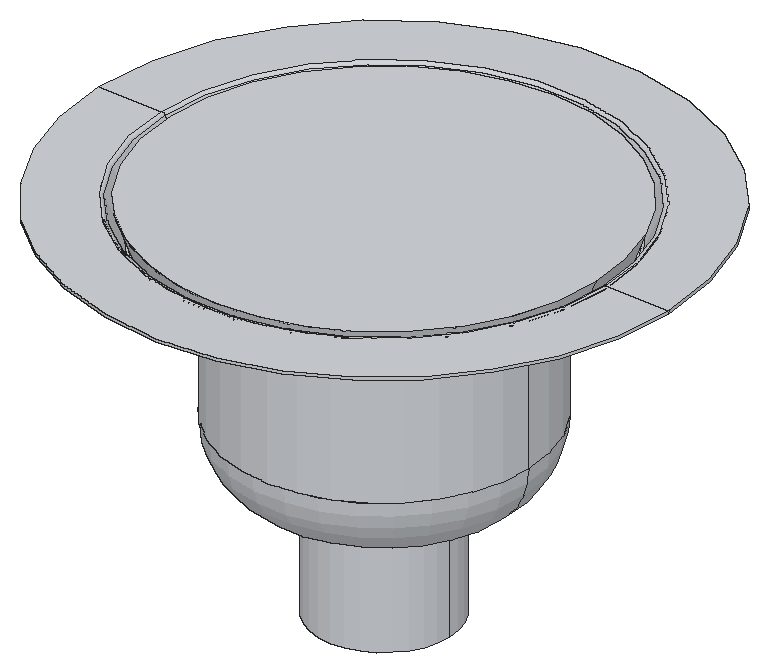
Revit family "S-399_Vertical", category Aparatos sanitarios, Revit 2015
Parameters (values of type "S-399_Vertical_ABS Blanco")
  WFU = 1
  URL = "http://www.jimten.com/es/producto/329/sumidero-para-suelo-vinilico-salida-vertical"
  Sello hidráulico = "50 mm"  # constant formula
  Salida = "50M/110M"  # constant formula
  Rejilla = INOX AISI304
  Referencia = "12449"  # constant formula
  Modelo = "S-399"  # constant formula
  Medida = "Ø160 mm"  # constant formula
  Material = ABS (Blanco)
  Fabricante = "Jimten"  # constant formula
  Diámetro = 50 mm
  Descripción = "SUMIDERO PARA SUELOS DE VINILO, SIFON EXTRAIBLE, CON FILTRO DE PELOS, SALIDA VERTICAL, CON REJILLA, ANTIVANDÁLICO"  # constant formula
  Comentarios de tipo = "CON PRENSATELAS PARA LÁMINAS IMPERMEABILIZANTES DE VINILO. CON TAPA DE PROTECCION DE OBRA"  # constant formula
  Clase carga = "K3"  # constant formula
  Caudal = 0.96 L/s  # constant formula
  Altura total mínima = "110 mm"  # constant formula
Reference planes
  plane 1 "Center (Front/Back)": y = 0
  plane 2: z = 0
  plane 3 "Center (Left/Right)": x = 0
Dimensions and locks
  aligned and locked: level to plane 2
  aligned and locked: level to nested 2
Nested families
  nested 1: "S-399-Rejilla" at (0, 0, 0), type "S-399-Rejilla"
  nested 2: "S-399-OutletVertical" at (0, 0, 0), type "S-399-OutletVertical"
Connectors
  piping at (0, 0, -140), diameter 50, driven by "WFU", driven by "Diámetro", driven by "Caudal"
    settings: on nested 2, index 1, connector inside diameter 609.6 mm, connector length 0 mm, flow factor 0, pipe flow 0.96 L/s, pressure drop 0.0 Pa, fitting loss kfactor 0, connector angle 0.00°, fixture units 1, engagement length 0 mm, angle of deflection 0.00°, flow configuration 0, flow direction 2, fitting loss method 0, system type 16, joint type 0, gender type 0, connector reference index -1, connector utility 0, adjustable connector yes, is connector primary yes, connector description ""
Definition of nested family "S-399-Rejilla"
  Parameters (values of type "S-399-Rejilla")
    MaterialRejilla = none
  Reference planes
    plane 1 "Center (Front/Back)": y = 0
    plane 2: z = 0
    plane 3 "Center (Left/Right)": x = 0
    plane 4: z = -15
    plane 5 "DetalleRejilla": z = 1
  Forms (mm)
    Blend 1, solid
      base sketch origin (-125.198, -1524, -15) x (-1, 0, 0) y (0, -1, 0)
        loop
          circle (-125.198, -1524) r 75
      top sketch origin (-125.198, -1524, -15) x (-1, 0, 0) y (0, -1, 0)
        loop
          circle (-125.198, -1524) r 80.5
      from 0 to 15
  Lines and regions (mm)
    model lines, detail levels medium+fine
      curve 1: line (-54.991, 1, 1) -> (-34.986, 1, 1)
      curve 2: line (-34.986, -1, 1) -> (-54.991, -1, 1)
      curve 3: line (-38.177, 39.592, 1) -> (-24.032, 25.446, 1)
      curve 4: line (-25.446, 24.032, 1) -> (-39.592, 38.177, 1)
      curve 5: line (-39.592, -38.177, 1) -> (-25.446, -24.032, 1)
      curve 6: line (-24.032, -25.446, 1) -> (-38.177, -39.592, 1)
      curve 7: line (54.991, 1, 1) -> (34.986, 1, 1)
      curve 8: line (34.986, -1, 1) -> (54.991, -1, 1)
      curve 9: line (38.177, 39.592, 1) -> (24.032, 25.446, 1)
      curve 10: line (25.446, 24.032, 1) -> (39.592, 38.177, 1)
      curve 11: line (39.592, -38.177, 1) -> (25.446, -24.032, 1)
      curve 12: line (24.032, -25.446, 1) -> (38.177, -39.592, 1)
      curve 13: line (-1, 34.986, 1) -> (-1, 54.991, 1)
      curve 14: line (1, 54.991, 1) -> (1, 34.986, 1)
      curve 15: line (1, -34.986, 1) -> (1, -54.991, 1)
      curve 16: line (-1, -54.991, 1) -> (-1, -34.986, 1)
      curve 17: line (-9.312, -2, 1) -> (-15.312, -2, 1)
      curve 18: line (-9.312, -8, 1) -> (-9.312, -2, 1)
      curve 19: line (-15.312, -8, 1) -> (-9.312, -8, 1)
      curve 20: line (-15.312, -2, 1) -> (-15.312, -8, 1)
      curve 21: line (-2.375, 29.125, 1) -> (-8.375, 29.125, 1)
      curve 22: line (-2.375, 23.174, 1) -> (-2.375, 29.125, 1)
      curve 23: line (-8.375, 29.125, 1) -> (-8.375, 23.174, 1)
      curve 24: line (-8.375, 23.174, 1) -> (-2.375, 23.174, 1)
      curve 25: line (-17.954, 26, 1) -> (-11.954, 26, 1)
      curve 26: line (-17.954, 20.049, 1) -> (-17.954, 26, 1)
      curve 27: line (-11.954, 26, 1) -> (-11.954, 20.049, 1)
      curve 28: line (-11.954, 20.049, 1) -> (-17.954, 20.049, 1)
      curve 29: line (-22.549, 8.326, 1) -> (-28.549, 8.326, 1)
      curve 30: line (-22.549, 2.375, 1) -> (-22.549, 8.326, 1)
      curve 31: line (-28.549, 8.326, 1) -> (-28.549, 2.375, 1)
      curve 32: line (-28.549, 2.375, 1) -> (-22.549, 2.375, 1)
      curve 33: line (-19.648, 17.985, 1) -> (-25.648, 17.985, 1)
      curve 34: line (-19.648, 12.034, 1) -> (-19.648, 17.985, 1)
      curve 35: line (-25.648, 17.985, 1) -> (-25.648, 12.034, 1)
      curve 36: line (-25.648, 12.034, 1) -> (-19.648, 12.034, 1)
      curve 37: line (2.375, 29.125, 1) -> (8.375, 29.125, 1)
      curve 38: line (2.375, 23.174, 1) -> (2.375, 29.125, 1)
      curve 39: line (8.375, 29.125, 1) -> (8.375, 23.174, 1)
      curve 40: line (8.375, 23.174, 1) -> (2.375, 23.174, 1)
      curve 41: line (17.954, 26, 1) -> (11.954, 26, 1)
      curve 42: line (17.954, 20.049, 1) -> (17.954, 26, 1)
      curve 43: line (11.954, 26, 1) -> (11.954, 20.049, 1)
      curve 44: line (11.954, 20.049, 1) -> (17.954, 20.049, 1)
      curve 45: line (22.549, 8.326, 1) -> (28.549, 8.326, 1)
      curve 46: line (22.549, 2.375, 1) -> (22.549, 8.326, 1)
      curve 47: line (28.549, 8.326, 1) -> (28.549, 2.375, 1)
      curve 48: line (28.549, 2.375, 1) -> (22.549, 2.375, 1)
      curve 49: line (19.648, 17.985, 1) -> (25.648, 17.985, 1)
      curve 50: line (19.648, 12.034, 1) -> (19.648, 17.985, 1)
      curve 51: line (25.648, 17.985, 1) -> (25.648, 12.034, 1)
      curve 52: line (25.648, 12.034, 1) -> (19.648, 12.034, 1)
      curve 53: line (2.375, -29.125, 1) -> (8.375, -29.125, 1)
      curve 54: line (2.375, -23.174, 1) -> (2.375, -29.125, 1)
      curve 55: line (8.375, -29.125, 1) -> (8.375, -23.174, 1)
      curve 56: line (8.375, -23.174, 1) -> (2.375, -23.174, 1)
      curve 57: line (17.954, -26, 1) -> (11.954, -26, 1)
      curve 58: line (17.954, -20.049, 1) -> (17.954, -26, 1)
      curve 59: line (11.954, -26, 1) -> (11.954, -20.049, 1)
      curve 60: line (11.954, -20.049, 1) -> (17.954, -20.049, 1)
      curve 61: line (22.549, -8.326, 1) -> (28.549, -8.326, 1)
      curve 62: line (22.549, -2.375, 1) -> (22.549, -8.326, 1)
      curve 63: line (28.549, -8.326, 1) -> (28.549, -2.375, 1)
      curve 64: line (28.549, -2.375, 1) -> (22.549, -2.375, 1)
      curve 65: line (19.648, -17.985, 1) -> (25.648, -17.985, 1)
      curve 66: line (19.648, -12.034, 1) -> (19.648, -17.985, 1)
      curve 67: line (25.648, -17.985, 1) -> (25.648, -12.034, 1)
      curve 68: line (25.648, -12.034, 1) -> (19.648, -12.034, 1)
      curve 69: line (-2.375, -15.563, 1) -> (-8.375, -15.563, 1)
      curve 70: line (-2.375, -9.563, 1) -> (-2.375, -15.563, 1)
      curve 71: line (-8.375, -9.563, 1) -> (-2.375, -9.563, 1)
      curve 72: line (-8.375, -15.563, 1) -> (-8.375, -9.563, 1)
      curve 73: line (-2.375, -29.125, 1) -> (-8.375, -29.125, 1)
      curve 74: line (-2.375, -23.174, 1) -> (-2.375, -29.125, 1)
      curve 75: line (-8.375, -29.125, 1) -> (-8.375, -23.174, 1)
      curve 76: line (-8.375, -23.174, 1) -> (-2.375, -23.174, 1)
      curve 77: line (-17.954, -26, 1) -> (-11.954, -26, 1)
      curve 78: line (-17.954, -20.049, 1) -> (-17.954, -26, 1)
      curve 79: line (-11.954, -26, 1) -> (-11.954, -20.049, 1)
      curve 80: line (-11.954, -20.049, 1) -> (-17.954, -20.049, 1)
      curve 81: line (-22.549, -8.326, 1) -> (-28.549, -8.326, 1)
      curve 82: line (-22.549, -2.375, 1) -> (-22.549, -8.326, 1)
      curve 83: line (-28.549, -8.326, 1) -> (-28.549, -2.375, 1)
      curve 84: line (-28.549, -2.375, 1) -> (-22.549, -2.375, 1)
      curve 85: line (-19.648, -17.985, 1) -> (-25.648, -17.985, 1)
      curve 86: line (-19.648, -12.034, 1) -> (-19.648, -17.985, 1)
      curve 87: line (-25.648, -17.985, 1) -> (-25.648, -12.034, 1)
      curve 88: line (-25.648, -12.034, 1) -> (-19.648, -12.034, 1)
      curve 89: line (2.375, -15.563, 1) -> (8.375, -15.563, 1)
      curve 90: line (2.375, -9.563, 1) -> (2.375, -15.563, 1)
      curve 91: line (8.375, -9.563, 1) -> (2.375, -9.563, 1)
      curve 92: line (8.375, -15.563, 1) -> (8.375, -9.563, 1)
      curve 93: line (9.312, -2, 1) -> (15.312, -2, 1)
      curve 94: line (9.312, -8, 1) -> (9.312, -2, 1)
      curve 95: line (15.312, -8, 1) -> (9.312, -8, 1)
      curve 96: line (15.312, -2, 1) -> (15.312, -8, 1)
      curve 97: line (-9.312, 2, 1) -> (-15.312, 2, 1)
      curve 98: line (-9.312, 8, 1) -> (-9.312, 2, 1)
      curve 99: line (-15.312, 8, 1) -> (-9.312, 8, 1)
      curve 100: line (-15.312, 2, 1) -> (-15.312, 8, 1)
      curve 101: line (-2.375, 15.563, 1) -> (-8.375, 15.563, 1)
      curve 102: line (-2.375, 9.563, 1) -> (-2.375, 15.563, 1)
      curve 103: line (-8.375, 9.563, 1) -> (-2.375, 9.563, 1)
      curve 104: line (-8.375, 15.563, 1) -> (-8.375, 9.563, 1)
      curve 105: line (2.375, 15.563, 1) -> (8.375, 15.563, 1)
      curve 106: line (2.375, 9.563, 1) -> (2.375, 15.563, 1)
      curve 107: line (8.375, 9.563, 1) -> (2.375, 9.563, 1)
      curve 108: line (8.375, 15.563, 1) -> (8.375, 9.563, 1)
      curve 109: line (9.312, 2, 1) -> (15.312, 2, 1)
      curve 110: line (9.312, 8, 1) -> (9.312, 2, 1)
      curve 111: line (15.312, 8, 1) -> (9.312, 8, 1)
      curve 112: line (15.312, 2, 1) -> (15.312, 8, 1)
      curve 113: arc (-54.991, -1, 1) -> (-50.813, -21.048, 1) -> (-39.592, -38.177, 1) r 55
      curve 114: arc (-34.986, -1, 1) -> (-32.336, -13.394, 1) -> (-25.446, -24.032, 1) r 35
      curve 115: arc (-39.592, 38.177, 1) -> (-50.813, 21.048, 1) -> (-54.991, 1, 1) r 55
      curve 116: arc (-25.446, 24.032, 1) -> (-32.336, 13.394, 1) -> (-34.986, 1, 1) r 35
      curve 117: arc (-1, 54.991, 1) -> (-21.048, 50.813, 1) -> (-38.177, 39.592, 1) r 55
      curve 118: arc (-1, 34.986, 1) -> (-13.394, 32.336, 1) -> (-24.032, 25.446, 1) r 35
      curve 119: arc (24.032, 25.446, 1) -> (13.394, 32.336, 1) -> (1, 34.986, 1) r 35
      curve 120: arc (38.177, 39.592, 1) -> (21.048, 50.813, 1) -> (1, 54.991, 1) r 55
      curve 121: arc (34.986, 1, 1) -> (32.336, 13.394, 1) -> (25.446, 24.032, 1) r 35
      curve 122: arc (54.991, 1, 1) -> (50.813, 21.048, 1) -> (39.592, 38.177, 1) r 55
      curve 123: arc (39.592, -38.177, 1) -> (50.813, -21.048, 1) -> (54.991, -1, 1) r 55
      curve 124: arc (25.446, -24.032, 1) -> (32.336, -13.394, 1) -> (34.986, -1, 1) r 35
      curve 125: arc (1, -54.991, 1) -> (21.048, -50.813, 1) -> (38.177, -39.592, 1) r 55
      curve 126: arc (1, -34.986, 1) -> (13.394, -32.336, 1) -> (24.032, -25.446, 1) r 35
      curve 127: arc (-24.032, -25.446, 1) -> (-13.394, -32.336, 1) -> (-1, -34.986, 1) r 35
      curve 128: arc (-38.177, -39.592, 1) -> (-21.048, -50.813, 1) -> (-1, -54.991, 1) r 55
      curve 129: circle (0, 0, 1) r 80.5 normal (0, 0, 1)
  Dimensions and locks
    plane 4 to plane 2 = 15 mm
    plane 5 "DetalleRejilla" to plane 2 = 1 mm
    aligned and locked: level to plane 2
    aligned and locked: level to Blend 1
Definition of nested family "S-399-OutletVertical"
  Parameters (values of type "S-399-OutletVertical")
    MaterialOutlet = none
  Reference planes
    plane 1 "Center (Front/Back)": y = 0
    plane 2: z = 0
    plane 3 "Center (Left/Right)": x = 0
    plane 4: z = -100
    plane 5: z = -140
  Forms (mm)
    Revolve 1, solid
      sketch origin (0, 0, 0) x (1, 0, 0) y (0, 0, 1)
        loop
          arc (55, -16.606) -> (55.293, -15.899) -> (56, -15.606) r 1
          line (56, -15.606) -> (76.629, -15.606)
          arc (76.629, -15.606) -> (77.434, -15.366) -> (77.976, -14.724) r 1.469
          line (77.976, -14.724) -> (83.69, -1.601)
          arc (83.69, -1.601) -> (84.059, -1.164) -> (84.607, -1) r 1
          line (84.607, -1) -> (108, -1) -> (108, 0) -> (84.31, 0)
          arc (84.31, 0) -> (83.489, -0.245) -> (82.936, -0.899) r 1.5
          line (82.936, -0.899) -> (77.198, -14.007)
          arc (77.198, -14.007) -> (76.829, -14.443) -> (76.282, -14.606) r 1
          line (76.282, -14.606) -> (56, -14.606)
          arc (56, -14.606) -> (54.586, -15.192) -> (54, -16.606) r 2
          line (54, -16.606) -> (54, -72.536)
          arc (54, -72.536) -> (48.454, -88.237) -> (34.278, -96.973) r 25
          line (34.278, -96.973) -> (24.893, -99) -> (24, -99) -> (24, -100) -> (25, -100) -> (34.489, -97.95)
          arc (34.489, -97.95) -> (49.233, -88.865) -> (55, -72.536) r 26
          line (55, -72.536) -> (55, -16.606)
        axis (0, 0) -> (0, -100)
      angle from 0 to 360
    Revolve 2, solid
      sketch origin (-6.656, -0.453, 0) x (1, 0, 0) y (0, 0, 1)
        loop
          line (75.98, -18) -> (75.98, -10.167) -> (73.872, -15.009)
          arc (73.872, -15.009) -> (73.503, -15.446) -> (72.955, -15.609) r 1
          line (72.955, -15.609) -> (61.5, -15.609)
          arc (61.5, -15.609) -> (60.793, -15.902) -> (60.5, -16.609) r 1
          line (60.5, -16.609) -> (60.5, -28) -> (65.98, -28)
          arc (65.98, -28) -> (73.051, -25.071) -> (75.98, -18) r 10
        axis (0, -10.167) -> (0, -28)
      angle from 0 to 7
    Revolve 3, solid
      sketch origin (0.453, -6.656, 0) x (0, 1, 0) y (0, 0, 1)
        loop
          line (75.98, -18) -> (75.98, -10.167) -> (73.872, -15.009)
          arc (73.872, -15.009) -> (73.503, -15.446) -> (72.955, -15.609) r 1
          line (72.955, -15.609) -> (61.5, -15.609)
          arc (61.5, -15.609) -> (60.793, -15.902) -> (60.5, -16.609) r 1
          line (60.5, -16.609) -> (60.5, -28) -> (65.98, -28)
          arc (65.98, -28) -> (73.051, -25.071) -> (75.98, -18) r 10
        axis (0, -10.167) -> (0, -28)
      angle from 0 to 7
    Revolve 4, solid
      sketch origin (6.656, 0.453, 0) x (-1, 0, 0) y (0, 0, 1)
        loop
          line (75.98, -18) -> (75.98, -10.167) -> (73.872, -15.009)
          arc (73.872, -15.009) -> (73.503, -15.446) -> (72.955, -15.609) r 1
          line (72.955, -15.609) -> (61.5, -15.609)
          arc (61.5, -15.609) -> (60.793, -15.902) -> (60.5, -16.609) r 1
          line (60.5, -16.609) -> (60.5, -28) -> (65.98, -28)
          arc (65.98, -28) -> (73.051, -25.071) -> (75.98, -18) r 10
        axis (0, -10.167) -> (0, -28)
      angle from 0 to 7
    Revolve 5, solid
      sketch origin (-0.453, 6.656, 0) x (0, -1, 0) y (0, 0, 1)
        loop
          line (75.98, -18) -> (75.98, -10.167) -> (73.872, -15.009)
          arc (73.872, -15.009) -> (73.503, -15.446) -> (72.955, -15.609) r 1
          line (72.955, -15.609) -> (61.5, -15.609)
          arc (61.5, -15.609) -> (60.793, -15.902) -> (60.5, -16.609) r 1
          line (60.5, -16.609) -> (60.5, -28) -> (65.98, -28)
          arc (65.98, -28) -> (73.051, -25.071) -> (75.98, -18) r 10
        axis (0, -10.167) -> (0, -28)
      angle from 0 to 7
    Extrusion 6, solid
      sketch origin (-696.277, -1524, -100) x (-1, 0, 0) y (0, -1, 0)
        loop
          circle (-696.277, -1524) r 25
        loop
          circle (-696.277, -1524) r 24
      from 0 to -40
  Dimensions and locks
    level to plane 4 = 100 mm
    plane 4 to plane 5 = 40 mm
    diameter of Extrusion 6 sketch curve = 50 mm
    aligned and locked: level to plane 2
    aligned and locked: Extrusion 6 to plane 5
